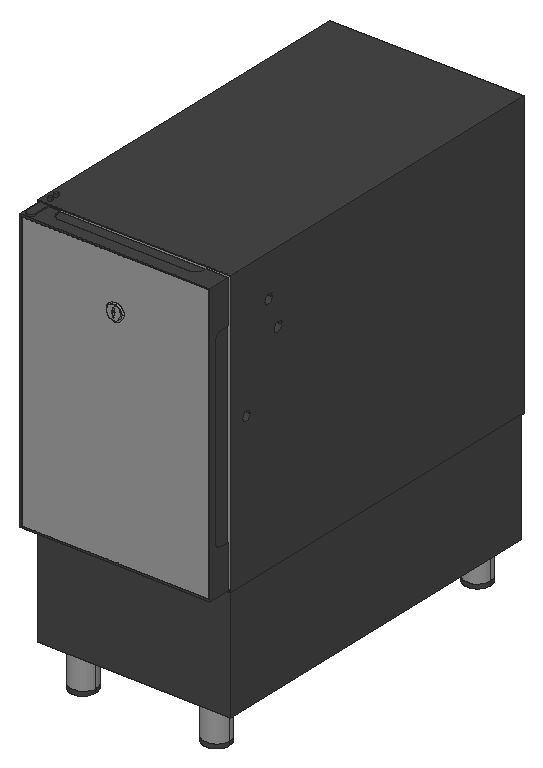
Revit family "Franke_Refrigeration_side_unit_KE200_EC-A600_MS_EC_Tank_A600_FM_EC_A800_FM_EC(USA)", category Specialty Equipment, Revit 2015
Parameters (values of type "Refrigeration side unit KE200 EC-A600 MS EC Tank,A600 FM EC,A800 FM EC(110V/USA)")
  Volts max. = 0 V
  URL = "https://www.franke.com/main/en/cs/products/product-search.html"
  Depth (mm) = 453 mm
  Temperature range = "+ 3°C to + 8°C"
  Volts min. = 110 V
  Max Overcurrent Protection = "1.5 A"
  Cycle Alternative = 0 Hz
  Cycle = 60 Hz
  Model = "410867 - Refrigeration side unit KE200 EC - A600 MS EC Tank, A600 FM EC, A800 FM EC"
  Milk storage = "4 l"
  Watts = 0 W
  Cost = 0
  Height (mm) = 506 mm
  Manufacturer = "Franke"
  Energy loss acc. to DIN 18873 = "0.460 kWh/24 h - 230 V"
  Width (mm) = 225 mm
  Specific features = "Podestal"
  Description = "Refrigeration side unit for storage of cooled milk"
  Assembly Code = "Refrigeration side unit"
  Keynote = "Refrigeration side unit"
  Weight = "13 kg"
  Number of Poles = 1
  Number of Protective Conductors = "1"
  Number of Nutral Conductors = "1"
Reference planes
  plane 1 "Mitte (Vorne/Hinten)": y = 0
  plane 2: z = 0
  plane 3 "Mitte (Links/Rechts)": x = 0
Forms (mm)
  Extrusion 1, solid, material "Franke Black"
    sketch origin (0, 0, 150) x (0, 1, 0) y (0, 0, 1)
      loop
        line (212.3, 356) -> (-212.3, 356) -> (-212.3, 26) -> (212.3, 26) -> (212.3, 356)
    from -112.5 to 112.5
  Extrusion 2, solid, material "Franke Chrome"
    sketch origin (0, 0, 150) x (1, 0, 0) y (0, 0, 1)
      loop
        circle (0, 290.954) r 8
      loop
        arc (1, 294.954) -> (0.707, 295.662) -> (0, 295.954) r 1
        arc (0, 295.954) -> (-0.707, 295.662) -> (-1, 294.954) r 1
        line (-1, 294.954) -> (-1, 292.687)
        arc (-1, 292.687) -> (-2, 290.954) -> (-1, 289.222) r 2
        line (-1, 289.222) -> (-1, 286.954)
        arc (-1, 286.954) -> (-0.707, 286.247) -> (0, 285.954) r 1
        arc (0, 285.954) -> (0.707, 286.247) -> (1, 286.954) r 1
        line (1, 286.954) -> (1, 289.222)
        arc (1, 289.222) -> (2, 290.954) -> (1, 292.687) r 2
        line (1, 292.687) -> (1, 294.954)
    from 240.3 to 242.3
  Blend 3, solid, material "Franke Chrome"
    base sketch origin (0, 0, 150) x (1, 0, 0) y (0, 0, 1)
      loop
        circle (0, 290.954) r 10
    top sketch origin (0, 0, 150) x (1, 0, 0) y (0, 0, 1)
      loop
        circle (0, 290.954) r 8
    from 240.3 to 241.3
  Extrusion 4, solid, material "Franke Black"
    sketch origin (0, 0, 150) x (1, 0, 0) y (0, 0, 1)
      loop
        line (-105.863, 349.363) -> (-105.863, 32.637) -> (105.863, 32.637) -> (105.863, 349.363) -> (-105.863, 349.363)
    from 212.3 to 214.3
  Revolve 5, solid, material "Franke Black"
    sketch origin (-77.5, 0, 169) x (0, 1, 0) y (0, 0, 1)
      loop
        line (212.3, 252) -> (225.9, 252) -> (225.9, 262.5)
        arc (225.9, 262.5) -> (225.314, 263.914) -> (223.9, 264.5) r 2
        line (223.9, 264.5) -> (212.3, 264.5) -> (212.3, 252)
      axis (225.9, 252) -> (212.3, 252)
    angle from 0 to 360
  Extrusion 6, void
    sketch origin (0, 0, 169) x (0, 1, 0) y (0, 0, 1)
      loop
        circle (-158.312, 288.596) r 6
      loop
        circle (-144.81, 253.988) r 6
      loop
        circle (-190.311, 180.988) r 6
    from 102.5 to 127.226
  Extrusion 7, void
    sketch origin (0, 0, 169) x (1, 0, 0) y (0, 0, 1)
      loop
        line (60.953, 48.985) -> (60.953, 22.709) -> (92.574, 22.709) -> (92.574, 48.985) -> (60.953, 48.985)
    from -221.866 to -202.3
  Extrusion 8, solid, material "Franke Black"
    sketch origin (0, 0, 150) x (1, 0, 0) y (0, 0, 1)
      loop
        line (-110.5, 354) -> (-110.5, 28) -> (110.5, 28) -> (110.5, 354) -> (-110.5, 354)
      loop
        line (108.5, 352) -> (-108.5, 352) -> (-108.5, 30) -> (108.5, 30) -> (108.5, 352)
    from 214.3 to 240.3
  Extrusion 9, solid, material "Franke Stainless Steel"
    sketch origin (0, 0, 150) x (1, 0, 0) y (0, 0, 1)
      loop
        line (-108.5, 352) -> (-108.5, 30) -> (108.5, 30) -> (108.5, 352) -> (-108.5, 352)
      loop
        circle (0, 290.954) r 10
    from 214.3 to 240.3
  Extrusion 10, void
    sketch origin (0, 0, 150) x (0, 1, 0) y (0, 0, 1)
      loop
        line (-212.3, 78) -> (-212.3, 304) -> (-223.8, 304)
        arc (-223.8, 304) -> (-230.871, 301.071) -> (-233.8, 294) r 10
        line (-233.8, 294) -> (-233.8, 88)
        arc (-233.8, 88) -> (-230.871, 80.929) -> (-223.8, 78) r 10
        line (-223.8, 78) -> (-212.3, 78)
    from 109.5 to 123.031
  Extrusion 11, void
    sketch origin (0, 0, 150) x (0, 1, 0) y (0, 0, -1)
      loop
        line (-212.3, -78) -> (-223.8, -78)
        arc (-223.8, -78) -> (-230.871, -80.929) -> (-233.8, -88) r 10
        line (-233.8, -88) -> (-233.8, -294)
        arc (-233.8, -294) -> (-230.871, -301.071) -> (-223.8, -304) r 10
        line (-223.8, -304) -> (-212.3, -304) -> (-212.3, -78)
    from 109.5 to 123.031
  Extrusion 12, void
    sketch origin (0, 0, 150) x (1, 0, 0) y (0, 1, 0)
      loop
        line (-85.5, -212.3) -> (-85.5, -217.3)
        arc (-85.5, -217.3) -> (-82.571, -224.371) -> (-75.5, -227.3) r 10
        line (-75.5, -227.3) -> (75.5, -227.3)
        arc (75.5, -227.3) -> (82.571, -224.371) -> (85.5, -217.3) r 10
        line (85.5, -217.3) -> (85.5, -212.3) -> (-85.5, -212.3)
    from 353 to 371.405
  Extrusion 13, void
    sketch origin (0, 0, 150) x (1, 0, 0) y (0, 0, 1)
      loop
        line (111.5, 355) -> (-111.5, 355) -> (-111.5, 27) -> (111.5, 27) -> (111.5, 355)
    from 199.527 to 273.235
  Extrusion 14, solid, material "Franke Plastic white"
    sketch origin (0, 0, 150) x (1, 0, 0) y (0, 0, 1)
      loop
        line (-111.5, 355) -> (-111.5, 27) -> (111.5, 27) -> (111.5, 355) -> (-111.5, 355)
    from 199.527 to 212.3
  Extrusion 15, solid, material "Franke Black"
    sketch origin (0, 0, 150) x (1, 0, 0) y (0, 1, 0)
      loop
        arc (-108.5, -233.3) -> (-103.5, -238.3) -> (-98.5, -233.3) r 5
        line (-98.5, -233.3) -> (-98.5, -212.3) -> (-108.5, -212.3) -> (-108.5, -233.3)
    from 354 to 355
  Extrusion 16, solid, material "Franke Black"
    sketch origin (0, 0, 150) x (1, 0, 0) y (0, 1, 0)
      loop
        circle (-103.5, -205.3) r 2
      loop
        circle (-103.5, -196.3) r 2
    from 356 to 358.5
  Extrusion 17, solid, material "Franke Black"
    sketch origin (0, 0, -177) x (0, -1, 0) y (1, 0, 0)
      loop
        arc (233.3, -108.5) -> (238.3, -103.5) -> (233.3, -98.5) r 5
        line (233.3, -98.5) -> (212.3, -98.5) -> (212.3, -108.5) -> (233.3, -108.5)
    from 354 to 355
  Extrusion 18, solid, material "Franke Chrome"
    sketch origin (0, -4, 20) x (1, 0, 0) y (0, 1, 0)
      loop
        circle (-77.5, 193.3) r 15
      loop
        circle (77.5, 193.3) r 15
      loop
        circle (-77.5, -185.7) r 15
      loop
        circle (77.5, -185.7) r 15
    from -15 to 26
  Extrusion 19, solid, material "Franke Black"
    sketch origin (0, -4, -15) x (1, 0, 0) y (0, 1, 0)
      loop
        circle (-77.5, 193.3) r 15
      loop
        circle (77.5, 193.3) r 15
      loop
        circle (-77.5, -185.7) r 15
      loop
        circle (77.5, -185.7) r 15
    from 15 to 20
  Extrusion 20, solid, material "Franke Black"
    sketch origin (-305, 0, 0) x (1, 0, 0) y (0, 0, 1)
      loop
        line (192.5, 176) -> (192.5, 46) -> (417.5, 46) -> (417.5, 176) -> (192.5, 176)
    from -208.3 to 212.3
  Extrusion 21, solid, material "Franke Chrome"
    sketch origin (0, 0, 20) x (1, 0, 0) y (0, 1, 0)
      loop
        circle (0, 174.198) r 2.5
    from 20 to 26
Cuts and joins
  Extrusion 6, Extrusion 7, Extrusion 13 cuts Extrusion 1
  Extrusion 10, Extrusion 11, Extrusion 12 cuts Extrusion 8
Dimensions and locks
  aligned and locked: level to plane 2
Connectors
  electrical at (0, 174.198, 40), driven by "Volts min.", driven by "Number of Poles"
    settings: on Extrusion 21, index 5, voltage 110 V, apparent load 0 VA, apparent load phase1 0 VA, apparent load phase2 0 VA, apparent load phase3 0 VA, power factor 1, load classification "Strom", number of poles 1, system type 31, power factor state 1, is connector primary yes, connector utility no, sub classification motor no, connector description ""
